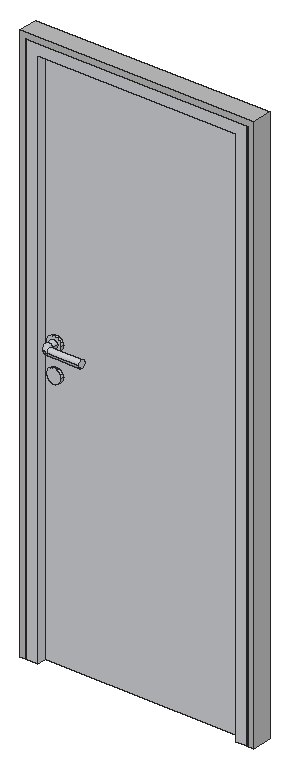
Revit family "BRU_Дверь_Однопольная_Стальная_Кл_Исправлено", category Двери, Revit 2021
Family settings
  Основа = Стена
  Номер OmniClass = 23.30.10.00
  Заголовок OmniClass = Doors
  Всегда вертикально = Да
  При загрузке вырезать с полостями = Нет
  Общий = Нет
  Точка принадлежности помещению = Нет
Parameters (values of type "ДСВ-О-Н 850х2100(h) Л")
  Четверть сверху.Размер [instance] = 30 mm
  Четверть (есть/нет) [instance] = no
  Четверть сверху [instance] = if([Четверть (есть/нет)], Четверть сверху.Размер, 0 mm)  # 0 mm
  Четверть сбоку [instance] = if([Четверть (есть/нет)], Четверти сбоку.Размер, 0 mm)  # 0 mm
  Четверти сбоку.Размер [instance] = 30 mm
  Угол в плане 30 [instance] = yes
  Тип полотна двери = Полотно : Глухое
  Ручка двери = none
  Рама двери.Ширина справа = 80 mm
  Рама двери.Ширина слева = 80 mm
  Рама двери.Ширина внизу = 80 mm
  Рама двери.Ширина вверху = 80 mm
  Полотно двери. Высота [instance] = Rough Height - Коробка.Ширина  # 1900 mm
  Площадь [instance] = Width * Height  # 1.6848 m²
  Откосы.Ширина [instance] = 530 mm
  Define Thermal Properties by = 1
  Fire Rating = ""
  О_Обозначение = ""
  О_Наименование = ""
  Монтажный зазор снизу.Толщина [instance] = 130 mm
  Монтажный зазор сверху.Толщина = 20 mm
  Коробка.Ширина = 30 mm
  Коробка.Толщина = 70 mm
  Правая = no
  Полотно.Толщина = 40 mm
  Полотно двери = none
  Остекление двери = none
  Наличник.Ширина [instance] = 60 mm
  Наличник.Толщина [instance] = 10 mm
  Наличник снаружи (есть/нет) [instance] = no
  Наличник внутри (есть/нет) [instance] = no
  Монтажный зазор сбоку.Толщина = 20 mm
  Type Comments = ""
  Глубина выреза проема наружу [instance] = 200 mm
  Глубина выреза проема внутрь [instance] = 200 mm
  Глубина вставки двери [instance] = 0 mm
  Левая = not(Правая)  # yes
  Защитное ограждение (есть/нет) = no
  Огибание наружных слоев [instance] = 0 mm
  Width = 810 mm
  Rough Width [instance] = Width - Монтажный зазор сбоку.Толщина * 2  # 770 mm
  Rough Height [instance] = Height - Монтажный зазор сверху.Толщина - Монтажный зазор снизу.Толщина  # 1930 mm
  Группа модели = "Дверь глухая с порогом"
  Manufacturer = ""
  Wall Closure = (empty or 0)
  Height = 2080 mm
  Description = ""
  Тип конструкций = "Дверь стальная"
  Аналитическая конструкция = "<Нет>"
  BRU_ДверьТип = "BRU_Дверь_Однопольная_Стальная_Кладовки"
  ADSK_Этаж [instance] = ""
  ADSK_Толщина стены [instance] = 0 mm
  ADSK_Примечание [instance] = ""
  ADSK_Предел огнестойкости = "-"
  ADSK_Позиция [instance] = ""
  ADSK_Открывание = if(Правая, "Правая", "Левая")  # "Левая"
  ADSK_Обозначение = "ГОСТ 6629-88"  # constant formula
  ADSK_Наименование краткое = ""
  ADSK_Наименование = "ДСВ-О-Н 850х2100(h)"
  ADSK_Масса_Текст = ""
  ADSK_Количество [instance] = 0
  ADSK_Код изделия = ""
  ADSK_Зона [instance] = ""
  ADSK_Завод-изготовитель = ""
  ADSK_Единица измерения = ""
  ADSK_Группирование [instance] = ""
  ADSK_URL страницы изделия = ""
  ADSK_URL документации изделия = ""
Reference planes
  plane 1: y = 0
  plane 2 "По центру (Влево/Вправо)": x = 0
  plane 3 "Слева": x = -405
  plane 4 "Справа": x = 405
  plane 5: z = 2080
  plane 6 "Наружный": y = 300
  plane 7 "Внутренние": y = -300
  plane 8 "Вставка двери": y = 300
  plane 9 "Четверть слева": x = -405
  plane 10 "Четверть справа": x = 405
  plane 11 "Четверть сверху": z = 2080
  plane 12 "Полотно двери": y = 260
  plane 13 "Рама внутри": y = 230
  plane 14 "Монтажный зазор слева": x = -385
  plane 15 "Монтажный зазор справа": x = 385
  plane 16 "Монтажный зазор сверху": z = 2060
  plane 17 "Глубина огибания наружного слоя": y = 300
  plane 18: y = 310
  plane 19: x = 395
  plane 20: y = -310
  plane 21: x = -395
  plane 22: y = 500
  plane 23: y = -500
  plane 24 "2": z = 130
Forms (mm)
  Extrusion 1, void
    sketch origin (0, 0, 0) x (1, 0, 0) y (0, 1, 0)
      loop
        line (405, 300) -> (-405, 300) -> (-405, -500) -> (405, -500) -> (405, 300)
    from 0 to 2080
  Extrusion 2, void
    sketch origin (0, 0, 0) x (1, 0, 0) y (0, 1, 0)
      loop
        line (405, 500) -> (-405, 500) -> (-405, 300) -> (405, 300) -> (405, 500)
    from 0 to 2080
  Sweep 3, solid, material <- "Полотно двери", visible <- "Наличник снаружи (есть/нет)", detail levels fine
    path origin (0, 300, 0) x (1, 0, 0) y (0, 0, 1)
      loop
        line (-405, 130) -> (-405, 2080) -> (405, 2080) -> (405, 130)
    profile origin (-405, 300, 1105) x (-1, 0, 0) y (0, -1, 0)
      loop
        line (-10, 0) -> (-10, -5)
        arc (-10, -5) -> (-8.536, -8.536) -> (-5, -10) r 5
        line (-5, -10) -> (45, -10)
        arc (45, -10) -> (48.536, -8.536) -> (50, -5) r 5
        line (50, -5) -> (50, 0) -> (-10, 0)
  Sweep 4, solid, material <- "Полотно двери", visible <- "Наличник внутри (есть/нет)", detail levels fine
    path origin (0, -300, 0) x (1, 0, 0) y (0, 0, 1)
      loop
        line (-405, 130) -> (-405, 2080) -> (405, 2080) -> (405, 130)
    profile origin (-405, -300, 1105) x (-1, 0, 0) y (0, -1, 0)
      loop
        line (-20, 0) -> (40, 0) -> (40, 5)
        arc (40, 5) -> (38.536, 8.536) -> (35, 10) r 5
        line (35, 10) -> (-15, 10)
        arc (-15, 10) -> (-18.536, 8.536) -> (-20, 5) r 5
        line (-20, 5) -> (-20, 0)
  Sweep 5, solid, material <- "Полотно двери"
    path origin (0, 300, 0) x (-1, 0, 0) y (0, 0, 1)
      loop
        line (385, 130) -> (385, 2060) -> (-385, 2060) -> (-385, 130)
    profile origin (385, 300, 1095) x (0, 1, 0) y (-1, 0, 0)
      loop
        line (0, 0) -> (0, 30) -> (-40, 30) -> (-40, 40) -> (-70, 40) -> (-70, 0) -> (0, 0)
  Sweep 6, solid, material <- "Полотно двери", visible <- "Наличник снаружи (есть/нет)", detail levels fine
    path origin (0, 300, 0) x (-1, 0, 0) y (0, 0, 1)
      loop
        line (405, 130) -> (405, 2080) -> (-405, 2080) -> (-405, 130)
    profile origin (405, 300, 1105) x (0, 1, 0) y (-1, 0, 0)
      loop
        line (5, 0) -> (5, 10) -> (0, 10) -> (0, 0) -> (5, 0)
  Extrusion 7, solid, material <- "Полотно двери"
    sketch origin (-2514.822, 300, 1200) x (-1, 0, 0) y (0, 0, 1)
      loop
        line (-2919.822, 880) -> (-2919.822, -1070) -> (-2898.822, -1070) -> (-2898.822, 859) -> (-2130.822, 859) -> (-2130.822, -1070) -> (-2109.822, -1070) -> (-2109.822, 880) -> (-2919.822, 880)
    from 0 to -70
Cuts and joins
  joined: Sweep 3, Sweep 6
Lines and regions (mm)
  Masking region 1, detail levels fine
    outline origin (0, 0, 0) x (0, 1, 0) y (0, 0, 1)
      loop
        line (230, 2020) -> (260, 2020) -> (260, 2030) -> (300, 2030) -> (300, 2060) -> (230, 2060) -> (230, 2020)
  Masking region 2, detail levels fine
    outline origin (0, 0, 0) x (0, 1, 0) y (0, 0, 1)
      loop
        line (300, 130) -> (300, 2030) -> (260, 2030) -> (260, 130) -> (300, 130)
  Masking region 3, detail levels fine
    outline origin (0, 0, 0) x (0, 1, 0) y (0, 0, 1)
      loop
        line (230, 2020) -> (230, 130) -> (260, 130) -> (260, 2020) -> (230, 2020)
  Masking region 4, detail levels coarse+medium
    outline origin (0, 0, 0) x (0, 1, 0) y (0, 0, 1)
      loop
        line (300, 130) -> (300, 2080) -> (230, 2080) -> (230, 130) -> (300, 130)
Text (mm)
  text "Наружный" at (-2295.016, 1099.543, 0), in view "Опорный уровень "
  text "Наружный" at (0, 1615.38, 3698.081), in view "Слева"
  text "Наружный" at (0, 1036.032, 3874.932), in view "Справа"
Dimensions and locks
  equal spacing: plane 14 "Монтажный зазор слева", plane 2 "По центру (Влево/Вправо)", plane 15 "Монтажный зазор справа"
  "Rough Width": plane 14 "Монтажный зазор слева" to plane 15 "Монтажный зазор справа"
  "Rough Height": plane 16 "Монтажный зазор сверху" to plane 24 "2"
  host wall to plane 5 = 2080 mm  (x2)
  locked: plane 6 "Наружный" to host wall
  locked: plane 7 "Внутренние" to host wall
  "Четверть сбоку": plane 3 "Слева" to plane 9 "Четверть слева"
  "Четверть сбоку": plane 10 "Четверть справа" to plane 4 "Справа"
  "Глубина вставки двери": plane 6 "Наружный" to plane 8 "Вставка двери"
  "Наличник.Ширина": Sweep 3 sketch curve to plane 21
  "Коробка.Толщина": plane 8 "Вставка двери" to plane 13 "Рама внутри"
  "Полотно.Толщина": plane 8 "Вставка двери" to plane 12 "Полотно двери"
  "Огибание наружных слоев": plane 6 "Наружный" to plane 17 "Глубина огибания наружного слоя"
  "Наличник.Ширина": Sweep 4 sketch curve to Sweep 4 sketch curve
  locked: Sweep 4 sketch curve to Sweep 4 sketch curve at 5  (x4)
  locked: Sweep 3 sketch curve to Sweep 3 sketch curve at 5
  "Коробка.Ширина": Sweep 5 sketch curve to profile plane
  locked: Sweep 5 sketch curve to Sweep 5 sketch curve at 10
  "Наличник.Толщина": plane 7 "Внутренние" to plane 20
  "Наличник.Толщина": plane 18 to plane 6 "Наружный"
  "Наличник.Толщина": plane 9 "Четверть слева" to plane 21
  "Наличник.Толщина": plane 19 to plane 10 "Четверть справа"
  locked: plane 18 to Sweep 3 sketch curve at 5  (x2)
  locked: Sweep 3 sketch curve to plane 21 at 5
  locked: plane 18 to Sweep 6 sketch curve at 5
  "Откосы.Ширина": plane 7 "Внутренние" to plane 13 "Рама внутри"
  equal spacing: plane 3 "Слева", plane 2 "По центру (Влево/Вправо)", plane 4 "Справа"
  "Width": plane 3 "Слева" to plane 4 "Справа"
  "Глубина выреза проема внутрь": plane 23 to plane 7 "Внутренние"
  "Глубина выреза проема наружу": plane 6 "Наружный" to plane 22
  locked: Extrusion 7 sketch curve to plane 15 "Монтажный зазор справа" at 1
  locked: Extrusion 7 sketch curve to plane 16 "Монтажный зазор сверху" at 1
  locked: plane 14 "Монтажный зазор слева" to Extrusion 7 sketch curve at 1
  "Монтажный зазор снизу.Толщина": level to plane 24 "2"
  "Монтажный зазор сверху.Толщина": plane 5 to plane 16 "Монтажный зазор сверху"
  "Четверть сверху": plane 5 to plane 11 "Четверть сверху"
  aligned and locked: plane 1 to host wall
  aligned and locked: plane 8 "Вставка двери" to Extrusion 1 sketch curve
  aligned and locked: plane 3 "Слева" to Extrusion 1 sketch curve
  aligned and locked: Extrusion 1 sketch curve to plane 4 "Справа"
  aligned and locked: Extrusion 1 to level
  aligned and locked: Extrusion 1 to plane 5
  aligned and locked: Extrusion 2 sketch curve to plane 8 "Вставка двери"
  aligned and locked: plane 10 "Четверть справа" to Extrusion 2 sketch curve
  aligned and locked: Extrusion 2 sketch curve to plane 9 "Четверть слева"
  aligned and locked: Extrusion 2 to level
  aligned and locked: plane 11 "Четверть сверху" to Extrusion 2
  aligned and locked: plane 9 "Четверть слева" to Sweep 3 sketch curve
  aligned and locked: plane 11 "Четверть сверху" to Sweep 3 sketch curve
  aligned and locked: plane 10 "Четверть справа" to Sweep 3 sketch curve
  aligned and locked: Sweep 4 sketch curve to plane 3 "Слева"
  aligned and locked: Sweep 4 sketch curve to plane 5
  aligned and locked: Sweep 4 sketch curve to plane 4 "Справа"
  aligned and locked: Sweep 4 sketch curve to plane 7 "Внутренние"
  aligned and locked: Sweep 5 sketch curve to plane 15 "Монтажный зазор справа"
  aligned and locked: Sweep 5 sketch curve to plane 16 "Монтажный зазор сверху"
  aligned and locked: Sweep 5 sketch curve to plane 14 "Монтажный зазор слева"
  aligned and locked: profile plane to Sweep 5 sketch curve
  aligned and locked: plane 13 "Рама внутри" to Sweep 5 sketch curve
  aligned and locked: plane 8 "Вставка двери" to Sweep 5 sketch curve
  aligned and locked: plane 12 "Полотно двери" to Sweep 5 sketch curve
  aligned and locked: plane 12 "Полотно двери" to nested 1
  aligned and locked: nested 1 to plane 8 "Вставка двери"
  aligned and locked: Sweep 5 to nested 1
  aligned and locked: nested 1 to Sweep 5  (x2)
  aligned and locked: plane 2 "По центру (Влево/Вправо)" to nested 2
  aligned and locked: nested 2 to plane 8 "Вставка двери"
  aligned and locked: plane 12 "Полотно двери" to nested 2
  aligned and locked: plane 13 "Рама внутри" to nested 2
  aligned and locked: plane 2 "По центру (Влево/Вправо)" to nested 3
  aligned and locked: plane 8 "Вставка двери" to nested 3
  aligned and locked: nested 3 to plane 12 "Полотно двери"
  aligned and locked: nested 3 to plane 13 "Рама внутри"
  aligned and locked: Sweep 4 sketch curve to plane 14 "Монтажный зазор слева"
  aligned and locked: profile plane to Sweep 3 sketch curve
  aligned and locked: Sweep 6 sketch curve to plane 11 "Четверть сверху"
  aligned and locked: plane 10 "Четверть справа" to Sweep 6 sketch curve  (x2)
  aligned and locked: plane 9 "Четверть слева" to Sweep 6 sketch curve
  aligned and locked: plane 8 "Вставка двери" to Sweep 6 sketch curve
  aligned and locked: plane 20 to Sweep 4 sketch curve
  aligned and locked: plane 18 to Sweep 3 sketch curve
  aligned and locked: Sweep 6 sketch curve to plane 19
  aligned and locked: Masking region 1 sketch curve to Sweep 5  (x2)
  aligned and locked: plane 12 "Полотно двери" to Masking region 1 sketch curve
  aligned and locked: plane 13 "Рама внутри" to Masking region 1 sketch curve
  aligned and locked: plane 8 "Вставка двери" to Masking region 1 sketch curve
  aligned and locked: plane 16 "Монтажный зазор сверху" to Masking region 1 sketch curve
  aligned and locked: plane 8 "Вставка двери" to Masking region 2 sketch curve
  aligned and locked: plane 12 "Полотно двери" to Masking region 2 sketch curve
  aligned and locked: Masking region 2 sketch curve to Sweep 5
  aligned and locked: Masking region 3 sketch curve to Sweep 5
  aligned and locked: plane 13 "Рама внутри" to Masking region 3 sketch curve
  aligned and locked: plane 12 "Полотно двери" to Masking region 3 sketch curve
  aligned and locked: plane 8 "Вставка двери" to Masking region 4 sketch curve
  aligned and locked: plane 13 "Рама внутри" to Masking region 4 sketch curve
  aligned and locked: plane 5 to Masking region 4 sketch curve
  aligned and locked: Extrusion 7 sketch curve to plane 4 "Справа"
  aligned and locked: Extrusion 7 sketch curve to plane 3 "Слева"
  aligned and locked: Extrusion 7 sketch curve to plane 5
  aligned and locked: Extrusion 7 to plane 13 "Рама внутри"
  aligned and locked: plane 8 "Вставка двери" to Extrusion 7
  aligned and locked: plane 22 to Extrusion 2 sketch curve
  aligned and locked: Extrusion 1 sketch curve to plane 23
  aligned and locked: plane 24 "2" to Sweep 5 sketch curve  (x2)
  aligned and locked: plane 24 "2" to Sweep 3 sketch curve  (x2)
  aligned and locked: plane 24 "2" to Sweep 6 sketch curve  (x2)
  aligned and locked: plane 24 "2" to Sweep 4 sketch curve  (x2)
  aligned and locked: Extrusion 7 sketch curve to plane 24 "2"
  aligned and locked: plane 24 "2" to Extrusion 7 sketch curve
  aligned and locked: Masking region 4 sketch curve to plane 24 "2"
  aligned and locked: Masking region 3 sketch curve to plane 24 "2"
  aligned and locked: Masking region 2 sketch curve to plane 24 "2"
Nested families
  nested 1: "Полотно" at (0, 300, 130), type <- "Тип полотна двери", Полотно двери.Высота <- "Полотно двери. Высота", type "Глухое"
    with Полотно двери.Ширина 710 mm, Полотно двери.Толщина 40 mm, Полотно двери.Высота 1900 mm, Правая no, Левая yes
  nested 2: "Обозначение на плане" at (0, 300, 0), Ширина двери <- "Rough Width", visible <- "Правая", Монтажный зазор <- "Монтажный зазор сбоку.Толщина", Ширина коробки <- "Коробка.Ширина", Толщина полотна двери <- "Полотно.Толщина", Толщина коробки <- "Коробка.Толщина", type "По-умолчанию"
    with Ширина полотна двери 670 mm, Ширина коробки 30 mm, Ширина двери 770 mm, Толщина полотна двери 40 mm, Толщина коробки 70 mm, Монтажный зазор 20 mm
  nested 3: "Обозначение на плане" at (0, 300, 0) x (-1, 0, 0) z (0, 0, 1), Ширина двери <- "Rough Width", visible <- "Левая", Монтажный зазор <- "Монтажный зазор сбоку.Толщина", Ширина коробки <- "Коробка.Ширина", Толщина полотна двери <- "Полотно.Толщина", Толщина коробки <- "Коробка.Толщина", type "По-умолчанию"
    with Ширина полотна двери 670 mm, Ширина коробки 30 mm, Ширина двери 770 mm, Толщина полотна двери 40 mm, Толщина коробки 70 mm, Монтажный зазор 20 mm
Definition of nested family "Полотно"
  Parameters (values of type "Глухое")
    Ручка.Отступ от края = 50 mm
    Ручка.Высота расположения = 1000 mm
    Ручка двери = none
    Рама справа.Ширина = 150 mm
    Рама слева.Ширина = 150 mm
    Рама внизу.Ширина = 600 mm
    Рама вверху.Ширина = 150 mm
    Правая = yes
    Полотно остекленное = no
    Полотно двери.Ширина [instance] = 1000 mm
    Полотно двери.Толщина [instance] = 40 mm
    Полотно двери.Высота [instance] = 2100 mm
    Полотно двери = none
    Полотно глухое = yes
    Остекление двери = none
    Левая = not(Правая)  # no
    Защитные ограждения = no
    Analytic Construction = "<Нет>"
  Types (2, lengths in mm): name | Рама справа.Ширина | Рама слева.Ширина | Рама внизу.Ширина | Рама вверху.Ширина | Полотно остекленное | Полотно глухое
    Глухое | 150 | 150 | 600 | 150 | no | yes
    Остекленное | 80 | 80 | 80 | 80 | yes | no
  Reference planes
    plane 1 "Center (Front/Back)": y = 0
    plane 2: z = 0
    plane 3 "Center (Left/Right)": x = 0
    plane 4: x = -500
    plane 5: x = 500
    plane 6 "Back": y = -40
    plane 7: z = 2100
    plane 8 "Высота расположения ручки": z = 1000
    plane 9 "Отступ ручки справа": x = 450
    plane 10 "Отступ ручки слева": x = -450
    plane 11 "Остекление снаружи": y = -8
    plane 12 "Остекление внутри": y = -32
    plane 13 "Ширина рамы справа": x = -350
    plane 14 "Ширина рамы слева": x = 350
    plane 15 "Ширина рамы внизу": z = 600
    plane 16 "Ширина рамы вверху": z = 1950
    plane 17: z = 950
    plane 18: z = 800
    plane 19: z = 650
    plane 20: z = 1050
  Forms (mm)
    Extrusion 1, solid, material <- "Полотно двери", visible <- "Полотно глухое"
      sketch origin (0, 0, 0) x (1, 0, 0) y (0, 0, 1)
        loop
          line (-500, 2100) -> (-500, 0) -> (500, 0) -> (500, 2100) -> (-500, 2100)
      from 0 to 40 <- "Полотно двери.Толщина"
    Extrusion 2, solid, material <- "Полотно двери", visible <- "Полотно остекленное"
      sketch origin (0, 0, 0) x (1, 0, 0) y (0, 0, 1)
        loop
          line (-500, 2100) -> (-500, 0) -> (500, 0) -> (500, 2100) -> (-500, 2100)
        loop
          line (-350, 600) -> (350, 600) -> (350, 1950) -> (-350, 1950) -> (-350, 600)
      from 0 to 40
    Extrusion 3, solid, material <- "Остекление двери", visible <- "Полотно остекленное"
      sketch origin (-646.608, -8, 1200) x (-1, 0, 0) y (0, 0, 1)
        loop
          line (-296.608, 750) -> (-996.608, 750) -> (-996.608, -600) -> (-296.608, -600) -> (-296.608, 750)
      from 0 to -24
    Sweep 4, solid, material <- "Ручка двери", visible <- "Защитные ограждения", detail levels medium+fine
      path origin (-858.179, -1524, 950) x (-1, 0, 0) y (0, -1, 0)
        loop
          arc (-478.179, -1469) -> (-482.572, -1458.393) -> (-493.179, -1454) r 15
          line (-493.179, -1454) -> (-1223.179, -1454)
          arc (-1223.179, -1454) -> (-1233.785, -1458.393) -> (-1238.179, -1469) r 15
          line (-1238.179, -1469) -> (-1238.179, -1539)
          arc (-1238.179, -1539) -> (-1233.785, -1549.607) -> (-1223.179, -1554) r 15
          line (-1223.179, -1554) -> (-493.179, -1554)
          arc (-493.179, -1554) -> (-482.572, -1549.607) -> (-478.179, -1539) r 15
          line (-478.179, -1539) -> (-478.179, -1469)
      profile origin (-380, -20, 950) x (-1, 0, 0) y (0, 0, 1)
        loop
          circle (0, 0) r 10
    Sweep 5, solid, material <- "Ручка двери", visible <- "Защитные ограждения", detail levels medium+fine
      path origin (-858.179, -1524, 800) x (-1, 0, 0) y (0, -1, 0)
        loop
          arc (-478.179, -1469) -> (-482.572, -1458.393) -> (-493.179, -1454) r 15
          line (-493.179, -1454) -> (-1223.179, -1454)
          arc (-1223.179, -1454) -> (-1233.785, -1458.393) -> (-1238.179, -1469) r 15
          line (-1238.179, -1469) -> (-1238.179, -1539)
          arc (-1238.179, -1539) -> (-1233.785, -1549.607) -> (-1223.179, -1554) r 15
          line (-1223.179, -1554) -> (-493.179, -1554)
          arc (-493.179, -1554) -> (-482.572, -1549.607) -> (-478.179, -1539) r 15
          line (-478.179, -1539) -> (-478.179, -1469)
      profile origin (-380, -20, 800) x (-1, 0, 0) y (0, 0, 1)
        loop
          circle (0, 0) r 10
    Sweep 6, solid, material <- "Ручка двери", visible <- "Защитные ограждения", detail levels medium+fine
      path origin (-858.179, -1524, 650) x (-1, 0, 0) y (0, -1, 0)
        loop
          arc (-478.179, -1469) -> (-482.572, -1458.393) -> (-493.179, -1454) r 15
          line (-493.179, -1454) -> (-1223.179, -1454)
          arc (-1223.179, -1454) -> (-1233.785, -1458.393) -> (-1238.179, -1469) r 15
          line (-1238.179, -1469) -> (-1238.179, -1539)
          arc (-1238.179, -1539) -> (-1233.785, -1549.607) -> (-1223.179, -1554) r 15
          line (-1223.179, -1554) -> (-493.179, -1554)
          arc (-493.179, -1554) -> (-482.572, -1549.607) -> (-478.179, -1539) r 15
          line (-478.179, -1539) -> (-478.179, -1469)
      profile origin (-380, -20, 650) x (-1, 0, 0) y (0, 0, 1)
        loop
          circle (0, 0) r 10
  Lines and regions (mm)
    symbolic lines, visible <- "Правая", detail levels medium
      curve 1: line (-500, 0, 0) -> (500, 0, 1050)
      curve 2: line (500, 0, 1050) -> (-500, 0, 2100)
    symbolic lines, visible <- "Левая", detail levels medium
      curve 3: line (500, 0, 0) -> (-500, 0, 1050)
      curve 4: line (-500, 0, 1050) -> (500, 0, 2100)
  Dimensions and locks
    "Полотно двери.Толщина": plane 1 "Center (Front/Back)" to plane 6 "Back"
    equal spacing: plane 4, plane 3 "Center (Left/Right)", plane 5
    "Полотно двери.Ширина": plane 4 to plane 5
    "Полотно двери.Высота": plane 7 to plane 2
    "Ручка.Высота расположения": plane 8 "Высота расположения ручки" to level
    "Ручка.Отступ от края": plane 5 to plane 9 "Отступ ручки справа"
    "Ручка.Отступ от края": plane 10 "Отступ ручки слева" to plane 4
    locked: plane 12 "Остекление внутри" to plane 6 "Back" at 8
    locked: plane 1 "Center (Front/Back)" to plane 11 "Остекление снаружи" at 8
    "Рама вверху.Ширина": plane 7 to plane 16 "Ширина рамы вверху"
    "Рама внизу.Ширина": plane 15 "Ширина рамы внизу" to plane 2
    "Рама справа.Ширина": plane 5 to plane 14 "Ширина рамы слева"
    "Рама слева.Ширина": plane 13 "Ширина рамы справа" to plane 4
    locked: plane 17 to plane 2 at 950
    plane 17 to plane 18 to plane 19 = 150 mm locked, 150 mm locked
    locked: plane 1 "Center (Front/Back)" to Sweep 4 sketch curve at 30
    locked: Sweep 4 sketch curve to profile plane at 0
    locked: profile plane to Sweep 4 sketch curve at 0
    locked: Sweep 4 sketch curve to plane 6 "Back" at 30
    locked: Sweep 5 sketch curve to profile plane at 0
    locked: profile plane to Sweep 5 sketch curve at 0
    locked: Sweep 5 sketch curve to plane 6 "Back" at 30
    locked: plane 1 "Center (Front/Back)" to Sweep 5 sketch curve at 30
    locked: Sweep 6 sketch curve to profile plane at 0
    locked: profile plane to Sweep 6 sketch curve at 0
    locked: Sweep 6 sketch curve to plane 6 "Back" at 30
    locked: plane 1 "Center (Front/Back)" to Sweep 6 sketch curve at 30
    equal spacing: plane 7, plane 20, plane 2
    locked: Sweep 4 sketch curve to plane 13 "Ширина рамы справа" at 30
    locked: plane 14 "Ширина рамы слева" to Sweep 4 sketch curve at 30
    locked: plane 14 "Ширина рамы слева" to Sweep 5 sketch curve at 30
    locked: Sweep 5 sketch curve to plane 13 "Ширина рамы справа" at 30
    locked: Sweep 6 sketch curve to plane 13 "Ширина рамы справа" at 30
    locked: plane 14 "Ширина рамы слева" to Sweep 6 sketch curve at 30
    locked: Sweep 4 sketch curve to Sweep 4 sketch curve at 15  (x8)
    locked: Sweep 5 sketch curve to Sweep 5 sketch curve at 15  (x8)
    locked: Sweep 6 sketch curve to Sweep 6 sketch curve at 15  (x8)
    aligned and locked: level to plane 2
    aligned and locked: Extrusion 1 sketch curve to plane 7
    aligned and locked: plane 4 to Extrusion 1 sketch curve
    aligned and locked: plane 2 to Extrusion 1 sketch curve
    aligned and locked: Extrusion 1 sketch curve to plane 5
    aligned and locked: Extrusion 1 to plane 1 "Center (Front/Back)"
    aligned and locked: Extrusion 1 to plane 6 "Back"
    aligned and locked: nested 1 to plane 10 "Отступ ручки слева"
    aligned and locked: plane 1 "Center (Front/Back)" to nested 1
    aligned and locked: plane 6 "Back" to nested 1
    aligned and locked: plane 8 "Высота расположения ручки" to nested 1
    aligned and locked: nested 2 to plane 1 "Center (Front/Back)"
    aligned and locked: nested 2 to plane 6 "Back"
    aligned and locked: nested 2 to plane 9 "Отступ ручки справа"
    aligned and locked: nested 2 to plane 8 "Высота расположения ручки"
    aligned and locked: Extrusion 2 sketch curve to plane 4
    aligned and locked: Extrusion 2 sketch curve to plane 5
    aligned and locked: Extrusion 2 sketch curve to plane 7
    aligned and locked: Extrusion 2 sketch curve to plane 2
    aligned and locked: Extrusion 2 sketch curve to plane 15 "Ширина рамы внизу"
    aligned and locked: Extrusion 2 sketch curve to plane 13 "Ширина рамы справа"
    aligned and locked: Extrusion 2 sketch curve to plane 14 "Ширина рамы слева"
    aligned and locked: Extrusion 2 sketch curve to plane 16 "Ширина рамы вверху"
    aligned and locked: Extrusion 2 to plane 1 "Center (Front/Back)"
    aligned and locked: Extrusion 2 to plane 6 "Back"
    aligned and locked: plane 13 "Ширина рамы справа" to Extrusion 3 sketch curve
    aligned and locked: plane 14 "Ширина рамы слева" to Extrusion 3 sketch curve
    aligned and locked: plane 16 "Ширина рамы вверху" to Extrusion 3 sketch curve
    aligned and locked: plane 15 "Ширина рамы внизу" to Extrusion 3 sketch curve
    aligned and locked: Extrusion 3 to plane 11 "Остекление снаружи"
    aligned and locked: Extrusion 3 to plane 12 "Остекление внутри"
    aligned and locked: plane 4 to curve 1
    aligned and locked: plane 2 to curve 1
    aligned and locked: plane 5 to curve 2
    aligned and locked: plane 20 to curve 1
    aligned and locked: plane 7 to Extrusion 2
    aligned and locked: plane 4 to Extrusion 2
  Automatic sketch dimensions
    curve 3 to plane 4 = 0 mm
    curve 2 to plane 4 = 0 mm
    curve 3 to level = 0 mm
    curve 3 to plane 5 = 0 mm
    curve 4 to plane 5 = 0 mm
    curve 4 to plane 20 = 0 mm
    curve 4 to plane 7 = 0 mm
    curve 2 to plane 7 = 0 mm
    radius of Sweep 4 sketch curve = 10 mm
    radius of Sweep 5 sketch curve = 10 mm
    radius of Sweep 6 sketch curve = 10 mm
  Nested families
    nested 1: "Дверная ручка" at (-450, 0, 1000), visible <- "Левая", Полотно двери.Толщина <- "Полотно двери.Толщина", type "Дверная ручка", detail levels fine
      with Полотно двери.Толщина 40 mm
    nested 2: "Дверная ручка" at (450, 0, 1000) x (-1, 0, 0) z (0, 0, 1), visible <- "Правая", Полотно двери.Толщина <- "Полотно двери.Толщина", type "Дверная ручка", detail levels fine
      with Полотно двери.Толщина 40 mm
  Definition of nested family "Дверная ручка"
    Parameters (values of type "Дверная ручка")
      Полотно двери.Толщина [instance] = 40 mm
      Дверная ручка = none
      Analytic Construction = "<Нет>"
    Reference planes
      plane 1 "Center (Front/Back)": y = 0
      plane 2: z = 0
      plane 3 "Center (Left/Right)": x = 0
      plane 4: y = -40
      plane 5: z = -100
    Forms (mm)
      Sweep 1, solid, material <- "Дверная ручка", detail levels medium+fine
        path origin (0, 0, 0) x (1, 0, 0) y (0, 1, 0)
          loop
            line (130, 50) -> (20, 50)
            arc (20, 50) -> (5.858, 44.142) -> (0, 30) r 20
            line (0, 30) -> (0, -70)
            arc (0, -70) -> (5.858, -84.142) -> (20, -90) r 20
            line (20, -90) -> (130, -90)
        profile origin (0, -20, 0) x (1, 0, 0) y (0, 0, 1)
          loop
            circle (0, 0) r 12
      Extrusion 2, solid, material <- "Дверная ручка", detail levels medium+fine
        sketch origin (-2000, -40, 1200) x (-1, 0, 0) y (0, 0, 1)
          loop
            circle (-2000, -1200) r 25
        from 48 to -8
      Extrusion 3, solid, material <- "Дверная ручка", detail levels medium+fine
        sketch origin (-2000, -40, 1100) x (-1, 0, 0) y (0, 0, 1)
          loop
            circle (-2000, -1200) r 25
        from 48 to -8
    Cuts and joins
      joined: Sweep 1, Extrusion 2
    Dimensions and locks
      "Полотно двери.Толщина": plane 1 "Center (Front/Back)" to plane 4
      locked: Sweep 1 sketch curve to plane 4 at 50
      locked: plane 1 "Center (Front/Back)" to Sweep 1 sketch curve at 50
      locked: plane 4 to Sweep 1 sketch curve at 30
      locked: plane 1 "Center (Front/Back)" to Sweep 1 sketch curve at 30
      locked: plane 3 "Center (Left/Right)" to Sweep 1 sketch curve at 20  (x2)
      locked: plane 4 to Extrusion 2 at 8
      locked: Extrusion 3 sketch curve to plane 5 at 0
      locked: plane 3 "Center (Left/Right)" to Extrusion 3 sketch curve at 0
      locked: plane 1 "Center (Front/Back)" to cut or joined group of Sweep 1, Extrusion 2 at 8
      locked: Extrusion 3 to plane 1 "Center (Front/Back)" at 8
      aligned and locked: level to plane 2
      aligned and locked: Sweep 1 sketch curve to plane 3 "Center (Left/Right)"
    Automatic sketch dimensions
      Sweep 1 sketch curve to Sweep 1 sketch curve = 110 mm  (x2)
      Sweep 1 sketch curve to level = 0 mm
      profile plane to Sweep 1 sketch curve = 0 mm
      Extrusion 2 sketch curve to level = 0 mm
      Extrusion 2 sketch curve to plane 3 "Center (Left/Right)" = 0 mm
      radius of Sweep 1 sketch curve = 12 mm
      radius of Extrusion 2 sketch curve = 25 mm
      radius of Extrusion 3 sketch curve = 25 mm
Definition of nested family "Обозначение на плане"
  Parameters (values of type "По-умолчанию")
    Ширина полотна двери [instance] = Ширина двери - 60 mm - Монтажный зазор * 2  # 600 mm
    Ширина коробки [instance] = 30 mm
    Ширина двери [instance] = 700 mm
    Толщина полотна двери [instance] = 40 mm
    Толщина коробки [instance] = 80 mm
    Открывание двери.30° = yes
    Открывание двери.90° = not(Открывание двери.30°)  # no
    Монтажный зазор [instance] = 20 mm
    Линия открывания.Дуга = not(Открывание двери.30°)  # no
  Reference planes
    plane 1 "Center (Front/Back)": y = 0
    plane 2: z = 0
    plane 3 "Center (Left/Right)": x = 0
    plane 4: x = -350
    plane 5: x = 350
    plane 6 "Толщина коробки": y = -80
    plane 7 "Толщина полотна": y = -40
    plane 8: x = -330
    plane 9: x = 330
    plane 10: x = -300
    plane 11: x = 300
  Lines and regions (mm)
    Masking region 1, in view "Ref. Level", visible <- "Открывание двери.30°", detail levels fine
      outline origin (0, 0, 0) x (1, 0, 0) y (0, 1, 0)
        loop
          line (-300, 0) -> (-280, -34.641) -> (239.615, 265.359) -> (219.615, 300) -> (-300, 0)
    Masking region 2, in view "Ref. Level", visible <- "Открывание двери.90°", detail levels fine
      outline origin (0, 140, 0) x (1, 0, 0) y (0, 1, 0)
        loop
          line (-300, -140) -> (-260, -140) -> (-260, 460) -> (-300, 460) -> (-300, -140)
    Masking region 3, in view "Ref. Level", detail levels fine
      outline origin (0, 0, 0) x (1, 0, 0) y (0, 1, 0)
        loop
          line (-330, 0) -> (-350, 0) -> (-350, -80) -> (-330, -80) -> (-330, 0)
    Masking region 4, in view "Ref. Level", detail levels fine
      outline origin (0, 0, 0) x (1, 0, 0) y (0, 1, 0)
        loop
          line (-330, 0) -> (-330, -80) -> (-290, -80) -> (-290, -40) -> (-300, -40) -> (-300, 0) -> (-330, 0)
    Masking region 5, in view "Ref. Level", detail levels fine
      outline origin (0, 0, 0) x (1, 0, 0) y (0, 1, 0)
        loop
          line (330, 0) -> (330, -80) -> (350, -80) -> (350, 0) -> (330, 0)
    Masking region 6, in view "Ref. Level", detail levels fine
      outline origin (0, 0, 0) x (1, 0, 0) y (0, 1, 0)
        loop
          line (330, 0) -> (300, 0) -> (300, -40) -> (290, -40) -> (290, -80) -> (330, -80) -> (330, 0)
    Masking region 7, in view "Ref. Level", visible <- "Открывание двери.30°", detail levels fine
      outline origin (0, 140, 0) x (1, 0, 0) y (0, 1, 0)
        loop
          line (-300, -140) -> (-260, -140) -> (-260, 460) -> (-300, 460) -> (-300, -140)
    detail lines, in view "Ref. Level", visible <- "Открывание двери.90°", detail levels coarse+medium
      curve 1: line (-350, 0, 0) -> (-350, 700, 0)
    detail lines, in view "Ref. Level", visible <- "Линия открывания.Дуга", detail levels coarse+medium
      curve 2: arc (350, 0, 0) -> (144.975, 494.975, 0) -> (-350, 700, 0) r 700
    detail lines, in view "Ref. Level", visible <- "Открывание двери.30°", detail levels coarse+medium
      curve 3: line (-350, 0, 0) -> (256.218, 350, 0)
    detail lines, in view "Ref. Level", visible <- "Линия открывания.Дуга", detail levels fine
      curve 4: arc (300, 0, 0) -> (138.178, 409.878, 0) -> (-260, 598.665, 0) r 600
    detail lines, in view "Ref. Level", visible <- "Открывание двери.30°", detail levels fine
      curve 5: arc (300, 0, 0) -> (138.178, 409.878, 0) -> (-260, 598.665, 0) r 600
  Dimensions and locks
    equal spacing: plane 4, plane 3 "Center (Left/Right)", plane 5
    "Ширина двери": plane 4 to plane 5
    "Ширина двери": plane 1 "Center (Front/Back)" to curve 1
    "Ширина двери": curve 3 to curve 3
    "Толщина полотна двери": plane 1 "Center (Front/Back)" to plane 7 "Толщина полотна"
    "Толщина коробки": plane 1 "Center (Front/Back)" to plane 6 "Толщина коробки"
    "Монтажный зазор": plane 4 to plane 8
    "Монтажный зазор": plane 9 to plane 5
    "Ширина полотна двери": Masking region 1 sketch curve to Masking region 1 sketch curve
    "Ширина полотна двери": Masking region 2 sketch curve to Masking region 2 sketch curve
    "Толщина полотна двери": Masking region 2 sketch curve to Masking region 2 sketch curve
    "Ширина коробки": plane 8 to plane 10
    "Ширина коробки": plane 11 to plane 9
    locked: plane 10 to Masking region 4 sketch curve at 10
    locked: Masking region 6 sketch curve to plane 11 at 10
    "Ширина полотна двери": Masking region 7 sketch curve to Masking region 7 sketch curve
    "Толщина полотна двери": Masking region 7 sketch curve to Masking region 7 sketch curve
    "Ширина полотна двери": radius of curve 4
    "Ширина полотна двери": radius of curve 5
    locked: plane 1 "Center (Front/Back)" to curve 3 (angle 30.00°)
    locked: plane 1 "Center (Front/Back)" to Masking region 1 sketch curve (angle 30.00°)  (x2)
    aligned and locked: plane 1 "Center (Front/Back)" to curve 1
    aligned and locked: plane 1 "Center (Front/Back)" to curve 2
    aligned and locked: plane 4 to curve 3
    aligned and locked: plane 1 "Center (Front/Back)" to Masking region 1 sketch curve
    aligned and locked: Masking region 2 sketch curve to plane 1 "Center (Front/Back)"
    aligned and locked: Masking region 3 sketch curve to plane 8
    aligned and locked: Masking region 3 sketch curve to plane 4
    aligned and locked: Masking region 3 sketch curve to plane 6 "Толщина коробки"
    aligned and locked: Masking region 3 sketch curve to plane 1 "Center (Front/Back)"
    aligned and locked: Masking region 4 sketch curve to plane 8
    aligned and locked: Masking region 4 sketch curve to plane 10
    aligned and locked: Masking region 4 sketch curve to plane 6 "Толщина коробки"
    aligned and locked: Masking region 4 sketch curve to plane 7 "Толщина полотна"
    aligned and locked: Masking region 4 sketch curve to plane 1 "Center (Front/Back)"
    aligned and locked: plane 1 "Center (Front/Back)" to Masking region 5 sketch curve
    aligned and locked: plane 9 to Masking region 5 sketch curve
    aligned and locked: plane 6 "Толщина коробки" to Masking region 5 sketch curve
    aligned and locked: Masking region 5 sketch curve to plane 5
    aligned and locked: Masking region 6 sketch curve to plane 9
    aligned and locked: Masking region 6 sketch curve to plane 11
    aligned and locked: Masking region 6 sketch curve to plane 1 "Center (Front/Back)"
    aligned and locked: Masking region 6 sketch curve to plane 7 "Толщина полотна"
    aligned and locked: Masking region 6 sketch curve to plane 6 "Толщина коробки"
  Automatic sketch dimensions
    curve 4 to curve 5 = 0 mm  (x3)
    plane 1 "Center (Front/Back)" to curve 4 = 0 mm
    curve 4 to plane 10 = 0 mm
    plane 10 to curve 5 = 40 mm
    Masking region 1 sketch curve to plane 10 = 0 mm
    plane 7 "Толщина полотна" to Masking region 1 sketch curve = 5.359 mm
    Masking region 2 sketch curve to plane 10 = 0 mm
    Masking region 7 sketch curve to plane 10 = 0 mm
    plane 1 "Center (Front/Back)" to Masking region 7 sketch curve = 0 mm
